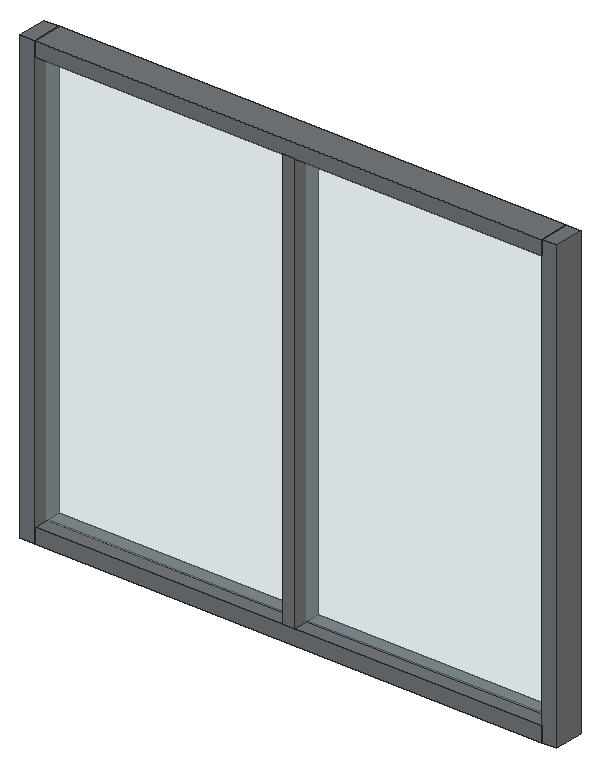
Revit family "LC W18 - A11", category Windows, host Wall, Revit 2027
Family settings
  Host = Wall
  Always vertical = Yes
  Cut with Voids When Loaded = No
  Shared = No
  Room Calculation Point = No
Parameters (values of type "A11 nominal size")
  Height = 1520 mm  # constant formula
  Description = "A07/A08 position, A11 overall sizes. Frame50x100 and glazing6mm are visual coordination profiles; manufacturer sections/glazing specification pending. Panel divisions follow schedule appearance, undimensioned divisions provisional."
  Default Sill Height = 0 mm
  Wall Closure = By host
  Width = 1810 mm  # constant formula
Reference planes
  plane 1 "Center (Front/Back)": y = 0
  plane 2 "Center (Left/Right)": x = 0
  plane 3 "Left": x = -905
  plane 4 "Right": x = 905
  plane 5 "Sill": z = 0
  plane 6 "Head": z = 1520
  plane 7 "Exterior": y = 100
  plane 8 "Interior": y = -100
Forms (mm)
  Extrusion 1, solid, material "LC Aluminium - charcoal coordination"
    sketch origin (0, 0, 0) x (1, 0, 0) y (0, 1, 0)
      loop
        line (-905, -50) -> (-855, -50) -> (-855, 50) -> (-905, 50) -> (-905, -50)
    from 0 to 1520
  Extrusion 2, solid, material "LC Aluminium - charcoal coordination"
    sketch origin (0, 0, 0) x (1, 0, 0) y (0, 1, 0)
      loop
        line (855, -50) -> (905, -50) -> (905, 50) -> (855, 50) -> (855, -50)
    from 0 to 1520
  Extrusion 3, solid, material "LC Aluminium - charcoal coordination"
    sketch origin (0, 0, 0) x (1, 0, 0) y (0, 1, 0)
      loop
        line (-855, -50) -> (855, -50) -> (855, 50) -> (-855, 50) -> (-855, -50)
    from 1470 to 1520
  Extrusion 4, solid, material "LC Aluminium - charcoal coordination"
    sketch origin (0, 0, 0) x (1, 0, 0) y (0, 1, 0)
      loop
        line (-855, -50) -> (855, -50) -> (855, 50) -> (-855, 50) -> (-855, -50)
    from 0 to 50
  Extrusion 5, solid, material "LC Aluminium - charcoal coordination"
    sketch origin (0, 0, 0) x (1, 0, 0) y (0, 1, 0)
      loop
        line (-20, -50) -> (20, -50) -> (20, 50) -> (-20, 50) -> (-20, -50)
    from 50 to 1470
  Extrusion 6, solid, material "LC Glazing - specification pending"
    sketch origin (0, 0, 0) x (1, 0, 0) y (0, 1, 0)
      loop
        line (-855, -3) -> (0, -3) -> (0, 3) -> (-855, 3) -> (-855, -3)
    from 50 to 1470
  Extrusion 7, solid, material "LC Glazing - specification pending"
    sketch origin (0, 0, 0) x (1, 0, 0) y (0, 1, 0)
      loop
        line (0, -3) -> (855, -3) -> (855, 3) -> (0, 3) -> (0, -3)
    from 50 to 1470
Lines and regions (mm)
  Opening 1
    outline origin (3500, -100, 0) x (1, 0, 0) y (0, 0, 1)
      loop
        line (-2595, 0) -> (-2595, 1520) -> (-4405, 1520) -> (-4405, 0) -> (-2595, 0)
Text (mm)
  text "Exterior" at (-1963.203, 1332.353, 0), in view "Ref. Level"
  text "Interior" at (-1981.466, -818.386, 0), in view "Ref. Level"
  text "Exterior" at (0, 923.751, 2943.296), in view "Right"
  text "Exterior" at (0, 1040.484, 2685.409), in view "Left"
Dimensions and locks
  equal spacing: plane 3 "Left", plane 2 "Center (Left/Right)", plane 4 "Right"
  "Width": plane 3 "Left" to plane 4 "Right"
  "Height": plane 5 "Sill" to plane 6 "Head"
  "Default Sill Height": plane 5 "Sill" to level
  locked: plane 7 "Exterior" to host wall
  locked: plane 8 "Interior" to host wall
Automatic sketch dimensions
  Opening 1 sketch curve to plane 3 "Left" = 0 mm
  Opening 1 sketch curve to plane 4 "Right" = 0 mm
  Opening 1 sketch curve to plane 5 "Sill" = 0 mm
  Opening 1 sketch curve to plane 6 "Head" = 0 mm
  Extrusion 1 sketch curve to plane 3 "Left" = 0 mm
  Extrusion 1 sketch curve to Extrusion 1 sketch curve = 50 mm
  host wall to Extrusion 1 sketch curve = 50 mm
  Extrusion 1 sketch curve to host wall = 50 mm
  Extrusion 2 sketch curve to plane 4 "Right" = 0 mm
  plane 4 "Right" to Extrusion 2 sketch curve = 50 mm
  host wall to Extrusion 2 sketch curve = 50 mm
  Extrusion 2 sketch curve to host wall = 50 mm
  Extrusion 3 sketch curve to plane 3 "Left" = 50 mm
  plane 4 "Right" to Extrusion 3 sketch curve = 50 mm
  host wall to Extrusion 3 sketch curve = 50 mm
  Extrusion 3 sketch curve to host wall = 50 mm
  Extrusion 4 sketch curve to plane 3 "Left" = 50 mm
  plane 4 "Right" to Extrusion 4 sketch curve = 50 mm
  host wall to Extrusion 4 sketch curve = 50 mm
  Extrusion 4 sketch curve to host wall = 50 mm
  plane 2 "Center (Left/Right)" to Extrusion 5 sketch curve = 20 mm
  Extrusion 5 sketch curve to plane 2 "Center (Left/Right)" = 20 mm
  host wall to Extrusion 5 sketch curve = 50 mm
  Extrusion 5 sketch curve to host wall = 50 mm
  Extrusion 6 sketch curve to plane 2 "Center (Left/Right)" = 0 mm
  host wall to Extrusion 6 sketch curve = 3 mm
  Extrusion 6 sketch curve to plane 3 "Left" = 50 mm
  Extrusion 6 sketch curve to host wall = 3 mm
  Extrusion 7 sketch curve to plane 2 "Center (Left/Right)" = 0 mm
  Extrusion 7 sketch curve to host wall = 3 mm
  plane 4 "Right" to Extrusion 7 sketch curve = 50 mm
  host wall to Extrusion 7 sketch curve = 3 mm
